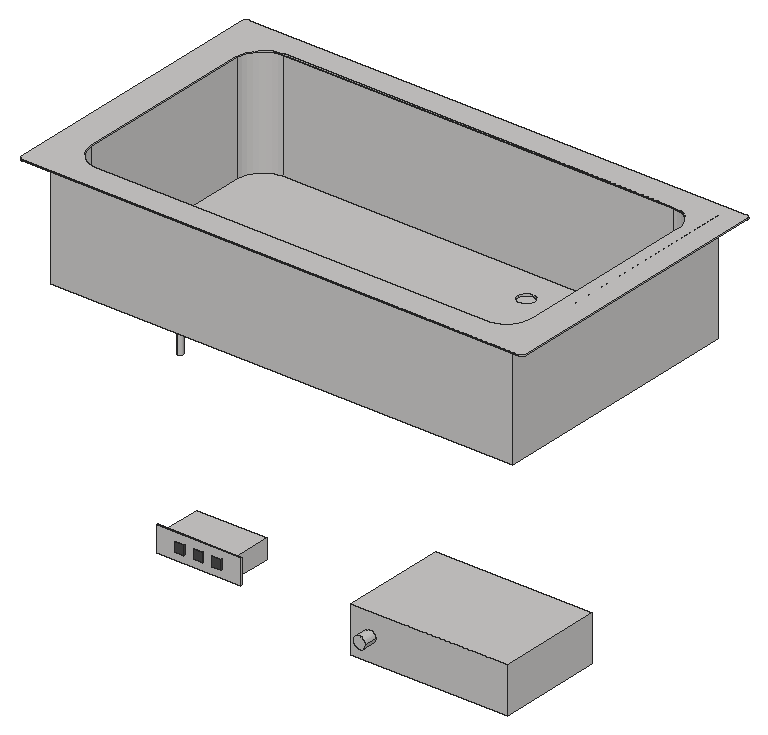
Revit family "QF_ELECTROLUXPROFESSIONAL_341089_D10R3", category Specialty Equipment, Revit 2018
Family settings
  Round Connector Dimension = Use Diameter
  Part Type = Normal
  Work Plane-Based = No
  Always vertical = Yes
  Cut with Voids When Loaded = No
  Shared = No
  Room Calculation Point = No
Parameters (values of type "341037.rfa")
  Weight = 0.00 kg
  Watts = 0 W
  Volts = 0 V
  URL Manufacturer = ""
  URL = ""
  Steam Supply Size = 0 mm
  Steam Supply Minimum Pressure = 0.0 Pa
  Steam Supply Maximum Pressure = 0.0 Pa
  Steam Pounds per Hour = 0
  Show Clearance [instance] = yes
  Remote Electrical Box_Z [instance] = 200.00 mm
  Remote Electrical Box_Y [instance] = 500.00 mm
  Remote Electrical Box_X [instance] = 800.00 mm
  Refrigeration Suction Line Size = 0 mm
  Refrigeration Liquid Line Size = 0 mm
  Refrigerant Compressor Remote = yes
  Manufacturer = ""
  Phase = 0
  Model = ""
  Length Actual = 1100.00 mm  # constant formula
  Item Number = ""
  Hot Water Size = 0 mm
  Height Actual = 260.00 mm  # constant formula
  HP = "0 HP"
  Gas Size = 0 mm
  Gas KW = 0
  Gas Input Pressure = 0 W
  Direct Waste Size = 25.4 mm
  Description = ""
  Depth Actual = 620.00 mm  # constant formula
  Cycle = 0 Hz
  Controller_Y [instance] = 500.00 mm
  Controller_1Z [instance] = 200.00 mm
  Controller_1X [instance] = 300.00 mm
  Condensate Return Size = 0 mm
  Compressed Air Volume = 0.0 L/s
  Compressed Air Size = 0 mm
  Compressed Air Pressure = 0.0 Pa
  Cold Water Size = 0 mm
  Accessory = yes
Types (2, lengths in mm): name | Volts | URL Manufacturer | URL | Manufacturer | Phase | Model | Item Number | Description | Cycle
  341037.rfa | 0 V | "" | "" | "" | 0 | "" | "" | "" | 0 Hz
  Standard | 220 V | "http://professional.electrolux.com" | "http://professional.electrolux.com" | "Electrolux Professional" | 1 | "D10R3" | "341089" | "DROP-IN REMOTE, REFRIGERATED WELL, STATIC, 3GN" | 50 Hz
Reference planes
  plane 1 "Centro (Fronte/Retro)": y = 74.737
  plane 2: z = 0
  plane 3 "BACK": y = 384.737
  plane 4 "FRONT": y = -235.263
  plane 5 "RIGHT": x = 35.731
  plane 6 "LEFT": x = -1064.269
  plane 7: x = -514.269
  plane 8 "TOP": z = 900
  plane 9: y = 354.737
  plane 10: y = -205.263
  plane 11: x = -11.469
  plane 12: x = -1017.069
  plane 13: y = 329.737
  plane 14: y = -180.263
  plane 15: x = -994.269
  plane 16: x = -34.269
  plane 17: z = 898
  plane 18: z = 658
  plane 19: z = 661
  plane 20: z = 265
  plane 21: x = -354.269
  plane 22: y = 349.537
  plane 23: y = -200.063
  plane 24: x = -939.269
  plane 25: x = -489.269
  plane 26: y = 254.737
  plane 27 "1": x = -349.269
  plane 28: y = -165.263
  plane 29: y = 314.737
  plane 30: x = -764.269
  plane 31: x = -264.269
  plane 32: y = -115.263
  plane 33: y = -115.263
  plane 34: z = 200
  plane 35: z = 200
Forms (mm)
  Extrusion 1, solid, material "QF_Finishes_Stainless Steel"
    sketch origin (0, 0, 900) x (-1, 0, 0) y (0, -1, 0)
      loop
        line (11.469, -354.737) -> (1017.069, -354.737) -> (1017.069, 205.263) -> (11.469, 205.263) -> (11.469, -354.737)
    from -2 to -242
  Extrusion 2, void
    sketch origin (0, 0, 900) x (-1, 0, 0) y (0, -1, 0)
      loop
        line (994.269, -273.737) -> (994.269, 124.263)
        arc (994.269, 124.263) -> (977.867, 163.861) -> (938.269, 180.263) r 56
        line (938.269, 180.263) -> (90.269, 180.263)
        arc (90.269, 180.263) -> (50.671, 163.861) -> (34.269, 124.263) r 56
        line (34.269, 124.263) -> (34.269, -273.737)
        arc (34.269, -273.737) -> (50.671, -313.335) -> (90.269, -329.737) r 56
        line (90.269, -329.737) -> (938.269, -329.737)
        arc (938.269, -329.737) -> (977.867, -313.335) -> (994.269, -273.737) r 56
    from 0 to -239
  Extrusion 3, void
    sketch origin (-738.395, -193.95, 900) x (-1, 0, 0) y (0, -1, 0)
      loop
        circle (-389.126, -448.687) r 18
    from -243.6 to -239
  Extrusion 4, solid, material "QF_Finishes_Stainless Steel"
    sketch origin (0, 0, 900) x (-1, 0, 0) y (0, -1, 0)
      loop
        arc (1054.269, -384.737) -> (1061.34, -381.808) -> (1064.269, -374.737) r 10
        line (1064.269, -374.737) -> (1064.269, 225.263)
        arc (1064.269, 225.263) -> (1061.34, 232.334) -> (1054.269, 235.263) r 10
        line (1054.269, 235.263) -> (-25.731, 235.263)
        arc (-25.731, 235.263) -> (-32.802, 232.334) -> (-35.731, 225.263) r 10
        line (-35.731, 225.263) -> (-35.731, -374.737)
        arc (-35.731, -374.737) -> (-32.802, -381.808) -> (-25.731, -384.737) r 10
        line (-25.731, -384.737) -> (1054.269, -384.737)
      loop
        arc (934.919, -329.737) -> (976.885, -312.354) -> (994.269, -270.387) r 59.35
        line (994.269, -270.387) -> (994.269, 120.913)
        arc (994.269, 120.913) -> (976.885, 162.88) -> (934.919, 180.263) r 59.35
        line (934.919, 180.263) -> (90.269, 180.263)
        arc (90.269, 180.263) -> (50.671, 163.861) -> (34.269, 124.263) r 56
        line (34.269, 124.263) -> (34.269, -273.737)
        arc (34.269, -273.737) -> (50.671, -313.335) -> (90.269, -329.737) r 56
        line (90.269, -329.737) -> (934.919, -329.737)
    from 0 to -2
  Sweep 5, solid, material "QF_Finishes_Stainless Steel"
    path origin (-349.269, 0, 0) x (0, 1, 0) y (0, 0, 1)
      loop
        line (254.737, 658) -> (254.737, 629) -> (204.737, 629)
    profile origin (-349.269, 254.737, 643.5) x (1, 0, 0) y (0, 1, 0)
      loop
        circle (0, 0) r 18
  Extrusion 6, solid, material "QF_Finishes_Stainless Steel"
    sketch origin (-1072.332, 589.006, 746) x (0, -1, 0) y (1, 0, 0)
      loop
        circle (566.269, 155.263) r 6.35
    from -88 to -288
  Extrusion 7, solid, material "QF_Finishes_Stainless Steel"
    sketch origin (-1072.332, 589.006, 746) x (0, -1, 0) y (1, 0, 0)
      loop
        circle (466.269, 155.263) r 4.76
    from -88 to -238
Cuts and joins
  Extrusion 2, Extrusion 3 cuts Extrusion 1
Lines and regions (mm)
  symbolic lines
    curve 1: line (25.731, 384.737, 900) -> (-1054.269, 384.737, 900)
    curve 2: arc (-1054.269, 384.737, 900) -> (-1061.34, 381.808, 900) -> (-1064.269, 374.737, 900) r 10
    curve 3: line (-1064.269, 374.737, 900) -> (-1064.269, -225.263, 900)
    curve 4: arc (-1064.269, -225.263, 900) -> (-1061.34, -232.334, 900) -> (-1054.269, -235.263, 900) r 10
    curve 5: line (-1054.269, -235.263, 900) -> (25.731, -235.263, 900)
    curve 6: arc (25.731, -235.263, 900) -> (32.802, -232.334, 900) -> (35.731, -225.263, 900) r 10
    curve 7: line (35.731, -225.263, 900) -> (35.731, 374.737, 900)
    curve 8: arc (35.731, 374.737, 900) -> (32.802, 381.808, 900) -> (25.731, 384.737, 900) r 10
    curve 9: line (-994.269, -124.263, 900) -> (-994.269, 273.737, 900)
    curve 10: arc (-994.269, 273.737, 900) -> (-977.867, 313.335, 900) -> (-938.269, 329.737, 900) r 56
    curve 11: line (-938.269, 329.737, 900) -> (-90.269, 329.737, 900)
    curve 12: arc (-90.269, 329.737, 900) -> (-50.671, 313.335, 900) -> (-34.269, 273.737, 900) r 56
    curve 13: line (-34.269, 273.737, 900) -> (-34.269, -124.263, 900)
    curve 14: arc (-34.269, -124.263, 900) -> (-50.671, -163.861, 900) -> (-90.269, -180.263, 900) r 56
    curve 15: line (-90.269, -180.263, 900) -> (-938.269, -180.263, 900)
    curve 16: arc (-938.269, -180.263, 900) -> (-977.867, -163.861, 900) -> (-994.269, -124.263, 900) r 56
    curve 17: arc (-331.269, 254.737, 900) -> (-349.269, 272.737, 900) -> (-367.269, 254.737, 900) r 18
    curve 18: arc (-367.269, 254.737, 900) -> (-349.269, 236.737, 900) -> (-331.269, 254.737, 900) r 18
  symbolic lines, style "SpecialityEquipmentHiddenLines"
    curve 19: line (-1017.069, 354.737, 900) -> (-11.469, 354.737, 900)
    curve 20: line (-1017.069, -205.263, 900) -> (-1017.069, 354.737, 900)
    curve 21: line (-11.469, -205.263, 900) -> (-1017.069, -205.263, 900)
    curve 22: line (-11.469, 354.737, 900) -> (-11.469, -205.263, 900)
    curve 23: line (-939.269, 314.737, 900) -> (-489.269, 314.737, 900)
    curve 24: line (-939.269, -165.263, 900) -> (-939.269, 314.737, 900)
    curve 25: line (-489.269, -165.263, 900) -> (-939.269, -165.263, 900)
    curve 26: line (-489.269, 314.737, 900) -> (-489.269, -165.263, 900)
    curve 27: line (-674.269, 329.737, 900) -> (-674.269, -180.263, 900)
    curve 28: line (-354.269, 329.737, 900) -> (-354.269, -180.263, 900)
Dimensions and locks
  plane 6 "LEFT" to plane 5 "RIGHT" = 1100.00 mm
  equal spacing: plane 3 "BACK", plane 1 "Centro (Fronte/Retro)", plane 4 "FRONT"
  plane 3 "BACK" to plane 4 "FRONT" = 620.00 mm
  equal spacing: plane 6 "LEFT", plane 7, plane 5 "RIGHT"
  locked: plane 8 "TOP" to plane 2 at 900
  plane 6 "LEFT" to plane 12 = 47.20 mm
  plane 11 to plane 5 "RIGHT" = 47.20 mm
  locked: plane 3 "BACK" to plane 9 at 30
  locked: plane 10 to plane 4 "FRONT" at 30
  locked: plane 3 "BACK" to plane 13 at 55
  locked: plane 14 to plane 4 "FRONT" at 55
  locked: plane 6 "LEFT" to plane 15 at 70
  locked: plane 16 to plane 5 "RIGHT" at 70
  locked: plane 8 "TOP" to plane 17 at 2
  plane 8 "TOP" to plane 18 = 242.00 mm
  locked: plane 19 to plane 18 at 3
  plane 8 "TOP" to plane 20 = 635.00 mm
  plane 25 to plane 24 = 450.00 mm
  locked: plane 13 to plane 26 at 75
  plane 24 to plane 6 "LEFT" = 125.00 mm
  plane 15 to plane 16 = 960.00 mm
  Extrusion 4 to Extrusion 4 = 510.00 mm
  equal spacing: plane 28, plane 1 "Centro (Fronte/Retro)", plane 29
  plane 28 to plane 29 = 480.00 mm
  "Remote Electrical Box_Y": plane 3 "BACK" to plane 32
  "Controller_Y": plane 3 "BACK" to plane 33
  "Controller_1X": plane 6 "LEFT" to plane 30
  "Remote Electrical Box_X": plane 6 "LEFT" to plane 31
  "Remote Electrical Box_Z": plane 34 to plane 2
  "Controller_1Z": plane 35 to plane 2
  aligned and locked: level to plane 2
  aligned and locked: Extrusion 1 sketch curve to plane 9
  aligned and locked: plane 11 to Extrusion 1 sketch curve
  aligned and locked: Extrusion 1 sketch curve to plane 10
  aligned and locked: Extrusion 1 sketch curve to plane 12
  aligned and locked: Extrusion 1 to plane 18
  aligned and locked: Extrusion 2 to plane 19
  aligned and locked: plane 19 to Extrusion 3
  aligned and locked: plane 6 "LEFT" to Extrusion 4 sketch curve
  aligned and locked: Extrusion 4 sketch curve to plane 3 "BACK"
  aligned and locked: Extrusion 4 sketch curve to plane 5 "RIGHT"
  aligned and locked: plane 4 "FRONT" to Extrusion 4 sketch curve
  aligned and locked: Extrusion 4 sketch curve to plane 16
  aligned and locked: Extrusion 4 sketch curve to plane 13
  aligned and locked: plane 15 to Extrusion 4 sketch curve
  aligned and locked: Extrusion 4 sketch curve to plane 14
  aligned and locked: Extrusion 4 to plane 17
  aligned and locked: plane 30 to nested 1
  aligned and locked: plane 31 to nested 2
  aligned and locked: nested 1 to plane 33
  aligned and locked: plane 32 to nested 2
  aligned and locked: plane 34 to nested 2
  aligned and locked: nested 1 to plane 35
Automatic sketch dimensions
  Extrusion 2 sketch curve to plane 13 = 56.00 mm
  Extrusion 2 sketch curve to plane 16 = 56.00 mm
  plane 14 to Extrusion 2 sketch curve = 56.00 mm
  plane 15 to Extrusion 2 sketch curve = 56.00 mm
  Extrusion 3 sketch curve to plane 26 = 0.00 mm
  Extrusion 2 sketch curve to plane 16 = 0.00 mm
  plane 14 to Extrusion 2 sketch curve = 0.00 mm
  Extrusion 2 sketch curve to plane 13 = 0.00 mm
  Extrusion 2 sketch curve to plane 15 = 0.00 mm
  Extrusion 4 sketch curve to plane 5 "RIGHT" = 10.00 mm
  Extrusion 4 sketch curve to plane 3 "BACK" = 10.00 mm  (x2)
  plane 24 to Extrusion 4 sketch curve = 4.35 mm  (x2)
  plane 6 "LEFT" to Extrusion 4 sketch curve = 10.00 mm
  Extrusion 3 sketch curve to plane 16 = 315.00 mm
  plane 26 to Extrusion 4 sketch curve = 19.00 mm
  plane 14 to Extrusion 4 sketch curve = 56.00 mm
  Sweep 5 sketch curve to plane 26 = 0.00 mm
  Sweep 5 sketch curve to plane 18 = 0.00 mm
  Sweep 5 sketch curve to plane 18 = 29.00 mm
  Sweep 5 sketch curve to Sweep 5 sketch curve = 50.00 mm
  Sweep 5 sketch curve to Sweep 5 sketch curve = 0.00 mm  (x2)
  profile plane to Sweep 5 sketch curve = 0.00 mm
  Sweep 5 sketch curve to plane 27 "1" = 0.00 mm
  Sweep 5 sketch curve to plane 27 "1" = 18.00 mm
  curve 7 to plane 5 "RIGHT" = 0.00 mm
  curve 5 to plane 4 "FRONT" = 0.00 mm
  curve 1 to plane 3 "BACK" = 0.00 mm
  plane 10 to curve 22 = 0.00 mm
  curve 22 to plane 11 = 0.00 mm
  curve 13 to plane 16 = 0.00 mm
  curve 18 to plane 26 = 0.00 mm
  curve 17 to plane 27 "1" = 0.00 mm
  curve 28 to plane 13 = 0.00 mm
  curve 28 to plane 14 = 0.00 mm
  curve 26 to plane 25 = 0.00 mm
  curve 23 to plane 24 = 0.00 mm
  curve 16 to plane 15 = 0.00 mm
  curve 19 to plane 9 = 0.00 mm
  curve 19 to plane 12 = 0.00 mm
  curve 4 to plane 6 "LEFT" = 0.00 mm
  curve 23 to plane 29 = 0.00 mm
  curve 25 to plane 28 = 0.00 mm
  curve 6 to curve 6 = 10.00 mm
  curve 1 to plane 5 "RIGHT" = 10.00 mm
  plane 28 to curve 14 = 41.00 mm
  curve 11 to plane 16 = 56.00 mm
  plane 24 to curve 16 = 1.00 mm
  plane 24 to curve 11 = 1.00 mm
  curve 2 to curve 3 = 10.00 mm
  plane 4 "FRONT" to curve 4 = 10.00 mm
  plane 27 "1" to curve 18 = 18.00 mm
  curve 28 to plane 21 = 0.00 mm
  curve 27 to curve 15 = 264.00 mm
  plane 24 to Extrusion 6 sketch curve = 22.20 mm
  plane 1 "Centro (Fronte/Retro)" to Extrusion 6 sketch curve = 52.00 mm
  plane 24 to Extrusion 7 sketch curve = 22.20 mm
  Extrusion 7 sketch curve to plane 1 "Centro (Fronte/Retro)" = 48.00 mm
  radius of Extrusion 3 sketch curve = 18.00 mm
  radius of Extrusion 6 sketch curve = 6.35 mm
  radius of Extrusion 7 sketch curve = 4.76 mm
Nested families
  nested 1: "Controller" at (-764.269, -115.263, 200), type "Controller"
  nested 2: "Remote_Electrical_Box" at (-264.269, -0.263, 100), type "Remote_Electrical_Box"
  nested 3: "Refrigerator" at (-144.269, -45.263, 900), type "Refrigerator"
Connectors
  piping at (-349.269, 204.737, 629), diameter 36
    settings: on Sweep 5, index 1, connector inside diameter 609.6 mm, connector length 0.00 mm, flow factor 0, pipe flow 0.0 L/s, pressure drop 0.0 Pa, fitting loss kfactor 0, connector angle 0.00°, fixture units 0, engagement length 0.00 mm, angle of deflection 0.00°, flow configuration 1, flow direction 1, fitting loss method 0, system type 16, joint type 0, gender type 0, connector reference index -1, connector utility 0, adjustable connector no, is connector primary yes, connector description "Drain"
  electrical at (-394.269, -142.263, 149.381)
    settings: on nested 2, index 2, voltage 0 V, apparent load 0 VA, apparent load phase1 0 VA, apparent load phase2 0 VA, apparent load phase3 0 VA, power factor 1, load classification "Altro", number of poles 1, system type 14, power factor state 1, is connector primary yes, connector utility no, sub classification motor no, connector description ""
  piping at (-917.069, 22.737, 458), diameter 12.7
    settings: on Extrusion 6, index 8, connector inside diameter 609.6 mm, connector length 0.00 mm, flow factor 0, pipe flow 0.0 L/s, pressure drop 0.0 Pa, fitting loss kfactor 0, connector angle 0.00°, fixture units 0, engagement length 0.00 mm, angle of deflection 0.00°, flow configuration 1, flow direction 1, fitting loss method 0, system type 22, joint type 0, gender type 0, connector reference index -1, connector utility 0, adjustable connector no, is connector primary no, connector description ""
  piping at (-917.069, 122.737, 508), diameter 9.52
    settings: on Extrusion 7, index 9, connector inside diameter 609.6 mm, connector length 0.00 mm, flow factor 0, pipe flow 0.0 L/s, pressure drop 0.0 Pa, fitting loss kfactor 0, connector angle 0.00°, fixture units 0, engagement length 0.00 mm, angle of deflection 0.00°, flow configuration 1, flow direction 1, fitting loss method 0, system type 23, joint type 0, gender type 0, connector reference index -1, connector utility 0, adjustable connector no, is connector primary no, connector description ""
Definition of nested family "Controller"
  Reference planes
    plane 1 "Center (Front/Back)": y = 0
    plane 2: z = 0
    plane 3 "Center (Left/Right)": x = 0
  Forms (mm)
    Extrusion 1, solid
      sketch origin (0, 44.769, -48.2) x (1, 0, 0) y (0, 1, 0)
        loop
          line (-76, 43.231) -> (-76, -47.65) -> (76, -47.65) -> (76, 43.231) -> (-76, 43.231)
      from 6.2 to 48.2
    Extrusion 2, solid
      sketch origin (0, 44.769, -48.2) x (1, 0, 0) y (0, 0, 1)
        loop
          line (-92.25, 54.4) -> (-92.25, 0) -> (92.25, 0) -> (92.25, 54.4) -> (-92.25, 54.4)
        loop
          line (-76, 48.2) -> (-76, 6.2) -> (76, 6.2) -> (76, 48.2) -> (-76, 48.2)
      from 44.769 to 47.65
    Extrusion 3, solid
      sketch origin (76, -2.881, -48.2) x (-1, 0, 0) y (0, 0, -1)
        loop
          line (106, -37.2) -> (126, -37.2) -> (126, -17.2) -> (106, -17.2) -> (106, -37.2)
        loop
          line (66, -37.2) -> (86, -37.2) -> (86, -17.2) -> (66, -17.2) -> (66, -37.2)
        loop
          line (26, -37.2) -> (46, -37.2) -> (46, -17.2) -> (26, -17.2) -> (26, -37.2)
      from 0 to 2
    Extrusion 4, void
      sketch origin (0, 0, 0) x (1, 0, 0) y (0, 1, 0)
        loop
          line (76, 88) -> (-76, 88) -> (-76, 0) -> (76, 0) -> (76, 88)
      from 0 to -42
  Cuts and joins
    Extrusion 4 cuts Extrusion 2
    joined: Extrusion 1, Extrusion 2
  Lines and regions (mm)
    symbolic lines
      curve 1: line (-76, 88, 0) -> (-76, 0, 0)
      curve 2: line (76, 88, 0) -> (-76, 88, 0)
      curve 3: line (76, 0, 0) -> (76, 88, 0)
      curve 4: line (-92.25, -2.881, 0) -> (92.25, -2.881, 0)
      curve 5: line (-92.25, 0, 0) -> (-92.25, -2.881, 0)
      curve 6: line (92.25, 0, 0) -> (-92.25, 0, 0)
      curve 7: line (92.25, -2.881, 0) -> (92.25, 0, 0)
  Dimensions and locks
    aligned and locked: level to plane 2
Definition of nested family "Remote_Electrical_Box"
  Parameters (values of type "Remote_Electrical_Box")
    Default Elevation = 1219.20 mm
  Reference planes
    plane 1 "Center (Front/Back)": y = 0
    plane 2: z = 0
    plane 3 "Center (Left/Right)": x = 0
    plane 4: x = -170
    plane 5: x = 170
    plane 6: y = 115
    plane 7: y = -115
    plane 8: z = 100
    plane 9: z = 50
  Forms (mm)
    Extrusion 1, solid
      sketch origin (0, 0, 0) x (1, 0, 0) y (0, 1, 0)
        loop
          line (-170, 115) -> (-170, -115) -> (170, -115) -> (170, 115) -> (-170, 115)
      from 0 to 100
    Extrusion 2, solid
      sketch origin (0, 0, 0) x (1, 0, 0) y (0, 0, 1)
        loop
          circle (-130, 49.381) r 13
      from 115 to 142
  Lines and regions (mm)
    symbolic lines
      curve 1: line (-170, 115, 0) -> (170, 115, 0)
      curve 2: line (-170, -115, 0) -> (-170, 115, 0)
      curve 3: line (170, -115, 0) -> (-170, -115, 0)
      curve 4: line (170, 115, 0) -> (170, -115, 0)
      curve 5: line (-143, -142, 0) -> (-117, -142, 0)
      curve 6: line (-143, -142, 0) -> (-143, -115, 0)
      curve 7: line (-117, -142, 0) -> (-117, -115, 0)
  Dimensions and locks
    equal spacing: plane 4, plane 3 "Center (Left/Right)", plane 5
    equal spacing: plane 6, plane 1 "Center (Front/Back)", plane 7
    plane 4 to plane 5 = 340.00 mm
    plane 6 to plane 7 = 230.00 mm
    Extrusion 1 to Extrusion 2 sketch curve = 40.00 mm
    equal spacing: plane 8, plane 9, plane 2
    aligned and locked: level to plane 2
    aligned and locked: Extrusion 1 sketch curve to plane 6
    aligned and locked: plane 4 to Extrusion 1 sketch curve
    aligned and locked: plane 7 to Extrusion 1 sketch curve
    aligned and locked: Extrusion 1 sketch curve to plane 5
    aligned and locked: plane 7 to Extrusion 2
    aligned and locked: plane 8 to Extrusion 1
  Automatic sketch dimensions
    level to Extrusion 2 sketch curve = 49.381 mm
    curve 3 to plane 4 = 0.00 mm
    curve 7 to plane 7 = 0.00 mm
    curve 3 to plane 5 = 0.00 mm
    curve 2 to plane 6 = 0.00 mm
    plane 4 to curve 6 = 27.00 mm
    curve 5 to curve 6 = 27.00 mm
    curve 6 to curve 7 = 26.00 mm
    radius of Extrusion 2 sketch curve = 13.00 mm
Definition of nested family "Refrigerator"
  Reference planes
    plane 1 "Center (Front/Back)": y = 0
    plane 2: z = 0
    plane 3 "Center (Left/Right)": x = 0
  Lines and regions (mm)
    detail lines, in view "Ref. Level"
      curve 1: line (0, -60, 0) -> (0, 60, 0)
      curve 2: line (-51.962, 30, 0) -> (51.962, -30, 0)
      curve 3: line (-51.962, -30, 0) -> (51.962, 30, 0)
      curve 4: line (19.116, 56.873, 0) -> (0, 35, 0)
      curve 5: line (0, 35, 0) -> (-19.116, 56.873, 0)
      curve 6: line (-30.311, 17.5, 0) -> (-40, 45.883, 0)
      curve 7: line (-59.736, 11.7, 0) -> (-30.311, 17.5, 0)
      curve 8: line (-30.311, -17.5, 0) -> (-59.736, -11.7, 0)
      curve 9: line (-40, -45.883, 0) -> (-30.311, -17.5, 0)
      curve 10: line (0, -35, 0) -> (-19.116, -56.873, 0)
      curve 11: line (19.116, -56.873, 0) -> (0, -35, 0)
      curve 12: line (30.311, -17.5, 0) -> (39.696, -44.992, 0)
      curve 13: line (58.812, -11.882, 0) -> (30.311, -17.5, 0)
      curve 14: line (30.311, 17.5, 0) -> (58.812, 11.882, 0)
      curve 15: line (39.696, 44.992, 0) -> (30.311, 17.5, 0)
